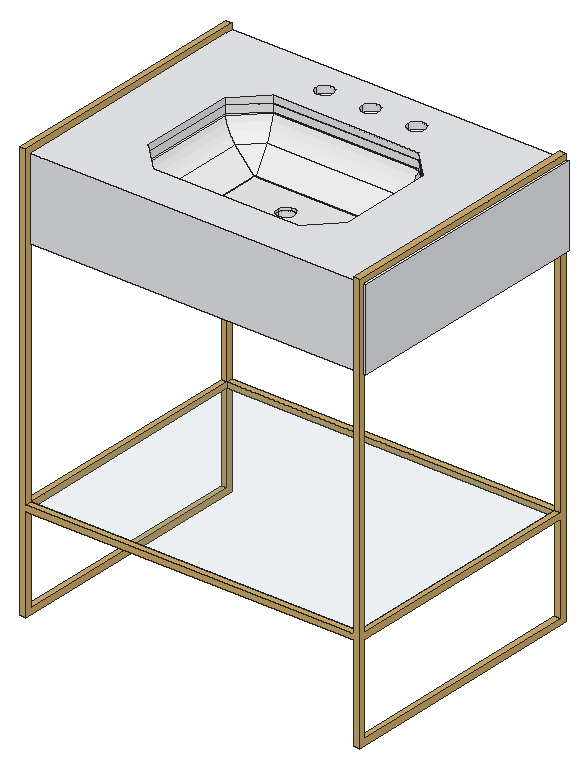
Revit family "Basin-Console-DXV-Belshire-D190800000", category Plumbing Fixtures, Revit 2016
Family settings
  Part Type = Normal
  Round Connector Dimension = Use Diameter
  OmniClass Number = 23.45.05.14.14
  OmniClass Title = Sinks/Lavatories
  Work Plane-Based = No
  Always vertical = Yes
  Cut with Voids When Loaded = No
  Shared = Yes
  Room Calculation Point = No
Parameters (values of type "D190800000")
  Width = 30"  # constant formula
  Waste Connection Diameter = 1 1/4"  # constant formula
  Waste Connection = yes
  Warranty Documentation Link = "https://www.dxv.com/-/media/files/dxv/warranty/dxv_warranty_booklet.ashx"
  WFU = 2
  Vent Connection = no
  Vanity Leg Set Finish = Metal-DXV-427-Satin Brass
  URL = "https://www.dxv.com/en"
  Product Page URL = ""
  Product Documentation Link = ""
  Price = "Prices may vary. Please consult Manufacturer Representative for most up-to-date price list."  # constant formula
  Model = "D190800000"
  Manufacturer = "DXV"  # constant formula
  Length = 22 3/8"  # constant formula
  Installation Type = "Floor Mounted"  # constant formula
  Height = 36 1/2"  # constant formula
  HWFU = 1.5
  HW Connection = yes
  Connection Size = 1/2"  # constant formula
  Countertop Finish = Marble-DXV-550-Carrara
  Description = "DXV BELSHIRE™ CONSOLE"
  Creation Date = "7/13/2020"  # constant formula
  CWFU = 1.5
  CW Connection = yes
  Basin Shape = "Rectangular"  # constant formula
  Assembly Code = "D2010300"
Reference planes (in)
  plane 1 "Center (Front/Back)": y = -3.5
  plane 2: z = 0
  plane 3 "Center (Left/Right)": x = 0
  plane 4: x = 4
  plane 5: x = -4
  plane 6: x = -15
  plane 7: x = 15
  plane 8: y = -3.46875
  plane 9: y = -3.5
  plane 10: y = -6.25
  plane 11: y = -15.5
  plane 12: y = -25.875
  plane 13: x = -4
  plane 14: x = 4
  plane 15: z = 36
  plane 16: z = 25.65625
  plane 17: z = 8.75
  plane 18: z = 0.125
  plane 19: z = 26.71875
  plane 20: z = 35.4375
  plane 21: z = 35.4375
  plane 22: x = -14.75
  plane 23: x = 14.75
  plane 24: x = 14.5
  plane 25: x = -14.5
  plane 26: z = 29
  plane 27: x = 5.90625
  plane 28: x = -5.90625
  plane 29: x = -1.5
  plane 30: x = 1.5
  plane 31: y = -25.5
  plane 32: z = 8.71875
  plane 33: z = 36.5
Forms (in)
  Extrusion 1, solid, not visible
    sketch origin (0, -3.5, 33.6875) x (1, 0, 0) y (0, 0, 1)
      loop
        circle (0, -8.03125) r 0.625
      loop
        circle (4, -6.96875) r 0.25
      loop
        circle (-4, -6.96875) r 0.25
    from -0.03125 to 0
  Extrusion 2, solid, material "Marble-DXV-550-Carrara" <- "Countertop Finish"
    sketch origin (0, 0, 32.75) x (1, 0, 0) y (0, 1, 0)
      loop
        line (-15, -3.5) -> (-15, -25.5) -> (15, -25.5) -> (15, -3.5) -> (14.75, -3.5) -> (14.75, -25.25) -> (-14.75, -25.25) -> (-14.75, -3.5) -> (-15, -3.5)
    from -3.75 to 2.6875
  Extrusion 3, solid, material "Metal-DXV-427-Satin Brass" <- "Vanity Leg Set Finish"
    sketch origin (0, 0, 32.75) x (1, 0, 0) y (0, 1, 0)
      loop
        line (-14.75, -25.375) -> (-14.75, -25.875) -> (-14.25, -25.875) -> (-14.25, -25.375) -> (-14.75, -25.375)
      loop
        line (14.75, -25.375) -> (14.25, -25.375) -> (14.25, -25.875) -> (14.75, -25.875) -> (14.75, -25.375)
      loop
        line (-14.75, -4) -> (-14.25, -4) -> (-14.25, -3.5) -> (-14.75, -3.5) -> (-14.75, -4)
      loop
        line (14.75, -4) -> (14.75, -3.5) -> (14.25, -3.5) -> (14.25, -4) -> (14.75, -4)
    from -32.75 to 3.75
  Extrusion 4, solid, material "Metal-DXV-427-Satin Brass" <- "Vanity Leg Set Finish"
    sketch origin (0, -3.5, 32.75) x (1, 0, 0) y (0, 0, 1)
      loop
        line (14.75, -24) -> (14.25, -24) -> (14.25, -24.5) -> (14.75, -24.5) -> (14.75, -24)
      loop
        line (-14.25, -24) -> (-14.75, -24) -> (-14.75, -24.5) -> (-14.25, -24.5) -> (-14.25, -24)
    from 0.5 to 21.875
  Extrusion 5, solid, material "Marble-DXV-550-Carrara" <- "Countertop Finish"
    sketch origin (0, 0, 32.75) x (1, 0, 0) y (0, 1, 0)
      loop
        line (-15, -25.5) -> (15, -25.5) -> (15, -3.5) -> (-15, -3.5) -> (-15, -25.5)
      loop
        line (-6.35344, -21.9375) -> (6.35344, -21.9375) -> (8.6875, -19.60344) -> (8.6875, -11.27156) -> (6.35344, -8.9375) -> (-6.35344, -8.9375) -> (-8.6875, -11.27156) -> (-8.6875, -19.60344) -> (-6.35344, -21.9375)
    from 2.6875 to 3.25
  Extrusion 6, void
    sketch origin (0, 0, 32.75) x (1, 0, 0) y (0, 1, 0)
      loop
        circle (-4, -6.25) r 0.75
      loop
        circle (4, -6.25) r 0.75
    from 1.4375 to 3.4375
  Extrusion 7, void
    sketch origin (0, 0, 32.75) x (1, 0, 0) y (0, 1, 0)
      loop
        circle (0, -6.25) r 0.75
    from 1.4375 to 3.25
  Extrusion 8, solid, material "Glass-DXV-Clear"
    sketch origin (0, 0, 30.75) x (1, 0, 0) y (0, 1, 0)
      loop
        line (-14.25, -4) -> (-14.25, -25.375) -> (14.25, -25.375) -> (14.25, -4) -> (-14.25, -4)
    from -22.03125 to -22
  Extrusion 9, solid, material "Metal-DXV-427-Satin Brass" <- "Vanity Leg Set Finish"
    sketch origin (10.88281, -14.38281, 32.75) x (0, -1, 0) y (0, 0, 1)
      loop
        line (11.49219, -24) -> (10.99219, -24) -> (10.99219, -24.5) -> (11.49219, -24.5) -> (11.49219, -24)
      loop
        line (-10.38281, -24) -> (-10.88281, -24) -> (-10.88281, -24.5) -> (-10.38281, -24.5) -> (-10.38281, -24)
    from -3.36719 to 25.13281
  Extrusion 10, solid, material "Metal-DXV-427-Satin Brass" <- "Vanity Leg Set Finish"
    sketch origin (0, -3.5, 22.125) x (1, 0, 0) y (0, 0, 1)
      loop
        line (14.75, -21.625) -> (14.25, -21.625) -> (14.25, -22.125) -> (14.75, -22.125) -> (14.75, -21.625)
      loop
        line (-14.25, -21.625) -> (-14.75, -21.625) -> (-14.75, -22.125) -> (-14.25, -22.125) -> (-14.25, -21.625)
    from 0.5 to 21.875
  Extrusion 11, solid, material "Metal-DXV-427-Satin Brass" <- "Vanity Leg Set Finish"
    sketch origin (-0.01084, -3.5, 58.125) x (1, 0, 0) y (0, 0, 1)
      loop
        line (14.76084, -21.625) -> (14.26084, -21.625) -> (14.26084, -22.125) -> (14.76084, -22.125) -> (14.76084, -21.625)
      loop
        line (-14.23916, -21.625) -> (-14.73916, -21.625) -> (-14.73916, -22.125) -> (-14.23916, -22.125) -> (-14.23916, -21.625)
    from 0.5 to 21.875
Cuts and joins
  Extrusion 6, Extrusion 7 cuts Extrusion 5
  joined: Extrusion 2, Extrusion 5
  joined: Extrusion 3, Extrusion 4, Extrusion 9, Extrusion 10, Extrusion 11
Lines and regions (in)
  Masking region 1
    outline origin (0, 0, 0) x (1, 0, 0) y (0, 1, 0)
      loop
        line (-15, -3.5) -> (-15, -25.5) -> (-14.75, -25.5) -> (-14.75, -25.875) -> (14.75, -25.875) -> (14.75, -25.5) -> (15, -25.5) -> (15, -3.5) -> (-15, -3.5)
  symbolic lines, detail levels medium+fine
    curve 1: circle (-4, -6.25, 0) r 0.75 normal (0, 0, 1)
    curve 2: circle (0, -6.25, 0) r 0.75 normal (0, 0, 1)
    curve 3: circle (4, -6.25, 0) r 0.75 normal (0, 0, 1)
    curve 4: line (-8.6875, -11.27156, 0) -> (-6.35344, -8.9375, 0)
    curve 5: line (-6.35344, -8.9375, 0) -> (6.35344, -8.9375, 0)
    curve 6: line (6.35344, -8.9375, 0) -> (8.6875, -11.27156, 0)
    curve 7: line (8.6875, -11.27156, 0) -> (8.6875, -19.60344, 0)
    curve 8: line (8.6875, -19.60344, 0) -> (6.35344, -21.9375, 0)
    curve 9: line (6.35344, -21.9375, 0) -> (-6.35344, -21.9375, 0)
    curve 10: line (-6.35344, -21.9375, 0) -> (-8.6875, -19.60344, 0)
    curve 11: line (-8.6875, -19.60344, 0) -> (-8.6875, -11.27156, 0)
    curve 12: circle (0, -15.4375, 0) r 0.75 normal (0, 0, 1)
    curve 21: line (-14.75, -25.5, 0) -> (-14.75, -3.5, 0)
    curve 22: line (-14.25, -25.5, 0) -> (14.25, -25.5, 0)
    curve 23: line (14.25, -25.875, 0) -> (14.25, -3.5, 0)
    curve 24: line (14.75, -3.5, 0) -> (14.75, -25.875, 0)
    curve 25: line (-14.25, -25.875, 0) -> (-14.25, -3.5, 0)
  symbolic lines, detail levels fine
    curve 13: spline (-4.85758, -12.85797, 0) -> (-5.19266, -12.71889, 0) -> (-5.52532, -12.5809, 0) -> (-5.85542, -12.44406, 0) -> (-6.18282, -12.30842, 0) -> (-6.50736, -12.17405, 0) -> (-6.82891, -12.041, 0) -> (-7.14733, -11.90934, 0) -> (-7.46246, -11.77912, 0) -> (-7.77419, -11.6504, 0) -> (-8.08236, -11.52323, 0) -> (-8.38684, -11.39768, 0) -> (-8.6875, -11.27379, 0)
    curve 14: spline (-4.76703, -12.76742, 0) -> (-4.90568, -12.43297, 0) -> (-5.0434, -12.10104, 0) -> (-5.18011, -11.7718, 0) -> (-5.31576, -11.44537, 0) -> (-5.45028, -11.12192, 0) -> (-5.58363, -10.80157, 0) -> (-5.71574, -10.48447, 0) -> (-5.84655, -10.17076, 0) -> (-5.976, -9.86058, 0) -> (-6.10404, -9.55407, 0) -> (-6.23062, -9.25135, 0) -> (-6.35567, -8.95257, 0)
    curve 15: spline (-8.6875, -19.60567, 0) -> (-8.38719, -19.48062, 0) -> (-8.08299, -19.35405, 0) -> (-7.77504, -19.22601, 0) -> (-7.46348, -19.09656, 0) -> (-7.14843, -18.96575, 0) -> (-6.83005, -18.83364, 0) -> (-6.50847, -18.70029, 0) -> (-6.18383, -18.56576, 0) -> (-5.85628, -18.43011, 0) -> (-5.52595, -18.2934, 0) -> (-5.193, -18.15569, 0) -> (-4.85758, -18.01703, 0)
    curve 16: spline (-4.76703, -18.10758, 0) -> (-4.90611, -18.44266, 0) -> (-5.0441, -18.77532, 0) -> (-5.18094, -19.10542, 0) -> (-5.31658, -19.43282, 0) -> (-5.45095, -19.75736, 0) -> (-5.584, -20.07891, 0) -> (-5.71566, -20.39733, 0) -> (-5.84588, -20.71246, 0) -> (-5.9746, -21.02419, 0) -> (-6.10177, -21.33236, 0) -> (-6.22732, -21.63684, 0) -> (-6.35121, -21.9375, 0)
    curve 17: spline (6.35567, -21.9375, 0) -> (6.23062, -21.63719, 0) -> (6.10405, -21.33299, 0) -> (5.97601, -21.02504, 0) -> (5.84656, -20.71348, 0) -> (5.71575, -20.39843, 0) -> (5.58364, -20.08005, 0) -> (5.45029, -19.75847, 0) -> (5.31576, -19.43383, 0) -> (5.18011, -19.10628, 0) -> (5.0434, -18.77595, 0) -> (4.90569, -18.443, 0) -> (4.76703, -18.10758, 0)
    curve 18: spline (4.85758, -18.01703, 0) -> (5.19266, -18.15611, 0) -> (5.52532, -18.2941, 0) -> (5.85542, -18.43094, 0) -> (6.18282, -18.56658, 0) -> (6.50736, -18.70095, 0) -> (6.82891, -18.834, 0) -> (7.14733, -18.96566, 0) -> (7.46246, -19.09588, 0) -> (7.77419, -19.2246, 0) -> (8.08236, -19.35177, 0) -> (8.38684, -19.47732, 0) -> (8.6875, -19.60121, 0)
    curve 19: spline (8.6875, -11.26933, 0) -> (8.38719, -11.39438, 0) -> (8.08299, -11.52095, 0) -> (7.77504, -11.64899, 0) -> (7.46348, -11.77844, 0) -> (7.14843, -11.90925, 0) -> (6.83005, -12.04136, 0) -> (6.50847, -12.17471, 0) -> (6.18383, -12.30924, 0) -> (5.85628, -12.44489, 0) -> (5.52595, -12.5816, 0) -> (5.193, -12.71931, 0) -> (4.85758, -12.85797, 0)
    curve 20: spline (4.76703, -12.76742, 0) -> (4.90664, -12.43191, 0) -> (5.04515, -12.09889, 0) -> (5.1825, -11.7685, 0) -> (5.31864, -11.4409, 0) -> (5.4535, -11.11623, 0) -> (5.58703, -10.79463, 0) -> (5.71915, -10.47625, 0) -> (5.84983, -10.16123, 0) -> (5.97899, -9.84971, 0) -> (6.10658, -9.54182, 0) -> (6.23254, -9.23771, 0) -> (6.35682, -8.9375, 0)
Dimensions and locks (in)
  locked: plane 5 to plane 4 at 8
  locked: plane 1 "Center (Front/Back)" to plane 8 at 0.03125
  plane 9 to plane 1 "Center (Front/Back)" = 0"
  plane 10 to plane 9 = 2 3/4"
  plane 11 to plane 9 = 12"  (x2)
  "Length": plane 12 to plane 9
  equal spacing: plane 6, plane 3 "Center (Left/Right)", plane 7
  "Width": plane 6 to plane 7
  plane 6 to plane 22 to plane 25 = 1/4" locked, 1/4" locked
  Extrusion 3 sketch curve to Extrusion 3 sketch curve = 1/2"  (x2)
  plane 17 to level = 8 3/4"
  Extrusion 4 sketch curve to Extrusion 4 sketch curve = 1/2"
  Extrusion 9 sketch curve to Extrusion 9 sketch curve = 1/2"
  Extrusion 10 sketch curve to Extrusion 10 sketch curve = 1/2"
  plane 26 to level = 29"
  locked: plane 3 "Center (Left/Right)" to plane 29 at 1.5
  locked: plane 30 to plane 3 "Center (Left/Right)" at 1.5
  plane 31 to plane 9 = 22"
  plane 15 to plane 26 = 7"
  locked: plane 17 to plane 32 at 0.03125
  "Height": plane 33 to level
  Extrusion 11 sketch curve to Extrusion 11 sketch curve = 1/2"
  aligned and locked: plane 1 "Center (Front/Back)" to Extrusion 1
  aligned and locked: Extrusion 1 to plane 8
  aligned and locked: plane 13 to Extrusion 1 sketch curve
  aligned and locked: plane 14 to Extrusion 1 sketch curve
  aligned and locked: plane 3 "Center (Left/Right)" to Extrusion 1 sketch curve
  aligned and locked: plane 15 to Extrusion 5
  aligned and locked: plane 20 to Extrusion 5
  aligned and locked: Extrusion 2 to cut or joined group of Extrusion 2, Extrusion 5, Extrusion 6, Extrusion 7  (x2)
  aligned and locked: Extrusion 5 to plane 6
  aligned and locked: plane 7 to Extrusion 5
  aligned and locked: Extrusion 5 to Extrusion 7
  aligned and locked: Extrusion 6 to Extrusion 7
  aligned and locked: Extrusion 5 sketch curve to nested 1  (x8)
  aligned and locked: curve 1 to cut or joined group of Extrusion 2, Extrusion 5, Extrusion 6, Extrusion 7
  aligned and locked: curve 2 to cut or joined group of Extrusion 2, Extrusion 5, Extrusion 6, Extrusion 7
  aligned and locked: curve 3 to cut or joined group of Extrusion 2, Extrusion 5, Extrusion 6, Extrusion 7
  aligned and locked: plane 31 to Masking region 1
  aligned and locked: plane 31 to Extrusion 5 sketch curve
  aligned and locked: Extrusion 2 to plane 26
  aligned and locked: Extrusion 8 to plane 17
  aligned and locked: Extrusion 2 sketch curve to plane 7
  aligned and locked: plane 23 to Extrusion 2 sketch curve
  aligned and locked: Extrusion 2 sketch curve to plane 31
  aligned and locked: plane 6 to Extrusion 2 sketch curve
  aligned and locked: Extrusion 2 sketch curve to plane 22
  aligned and locked: plane 9 to Extrusion 2 sketch curve
  aligned and locked: plane 33 to Extrusion 3
  aligned and locked: Extrusion 10 to Extrusion 3  (x2)
  aligned and locked: cut or joined group of Extrusion 3, Extrusion 4, Extrusion 9, Extrusion 10, Extrusion 11 to Extrusion 4 sketch curve
Automatic sketch dimensions
  Extrusion 1 sketch curve to plane 16 = 0"
  Extrusion 1 sketch curve to plane 19 = 0"  (x2)
  plane 1 "Center (Front/Back)" to Extrusion 2 sketch curve = 0"
  Extrusion 2 sketch curve to plane 31 = 1/4"
  plane 1 "Center (Front/Back)" to Extrusion 5 sketch curve = 0"
  Extrusion 5 sketch curve to plane 6 = 0"
  Extrusion 5 sketch curve to plane 7 = 0"
  Extrusion 6 sketch curve to plane 5 = 0"
  Extrusion 6 sketch curve to plane 4 = 0"
  plane 10 to Extrusion 6 sketch curve = 0"  (x2)
  Extrusion 7 sketch curve to plane 3 "Center (Left/Right)" = 0"
  plane 10 to Extrusion 7 sketch curve = 0"
  Extrusion 9 sketch curve to plane 1 "Center (Front/Back)" = 0"
  plane 17 to Extrusion 9 sketch curve = 0"  (x2)
  Extrusion 9 sketch curve to plane 12 = 0"
  Extrusion 9 sketch curve to Extrusion 9 sketch curve = 1/2"
  plane 32 to Extrusion 9 sketch curve = 15/32"  (x2)
  Extrusion 11 sketch curve to plane 33 = 0"  (x2)
  Extrusion 11 sketch curve to plane 15 = 0"  (x2)
  plane 22 to Extrusion 11 sketch curve = 0"
  plane 25 to Extrusion 11 sketch curve = 1/4"
  Extrusion 11 sketch curve to plane 24 = 1/4"
  Extrusion 3 sketch curve to plane 22 = 0"  (x2)
  plane 1 "Center (Front/Back)" to Extrusion 3 sketch curve = 0"  (x2)
  plane 12 to Extrusion 3 sketch curve = 0"  (x2)
  Extrusion 3 sketch curve to plane 23 = 0"  (x2)
  plane 25 to Extrusion 3 sketch curve = 1/4"
  Extrusion 3 sketch curve to plane 24 = 1/4"  (x2)
  Extrusion 3 sketch curve to plane 31 = 1/8"
  Extrusion 3 sketch curve to Extrusion 3 sketch curve = 1/2"  (x2)
  Extrusion 10 sketch curve to plane 22 = 0"
  Extrusion 10 sketch curve to level = 0"  (x2)
  Extrusion 10 sketch curve to plane 23 = 0"
  plane 25 to Extrusion 10 sketch curve = 1/4"
  Extrusion 10 sketch curve to plane 18 = 3/8"  (x2)
  Extrusion 4 sketch curve to plane 17 = 0"  (x2)
  Extrusion 4 sketch curve to plane 22 = 0"
  Extrusion 4 sketch curve to plane 23 = 0"
  plane 32 to Extrusion 4 sketch curve = 15/32"  (x2)
  plane 25 to Extrusion 8 sketch curve = 1/4"
  Extrusion 8 sketch curve to plane 24 = 1/4"
  Extrusion 8 sketch curve to plane 31 = 1/8"
  plane 1 "Center (Front/Back)" to Extrusion 8 sketch curve = 1/2"
  plane 1 "Center (Front/Back)" to Masking region 1 sketch curve = 0"
  Masking region 1 sketch curve to plane 6 = 0"
  Masking region 1 sketch curve to plane 22 = 0"
  Masking region 1 sketch curve to plane 23 = 0"
  plane 12 to Masking region 1 sketch curve = 0"
  Masking region 1 sketch curve to plane 7 = 0"
  plane 31 to Masking region 1 sketch curve = 0"  (x2)
  curve 21 to plane 22 = 0"
  plane 1 "Center (Front/Back)" to curve 25 = 0"
  plane 31 to curve 22 = 0"
  plane 12 to curve 25 = 0"
  curve 12 to plane 3 "Center (Left/Right)" = 0"
  plane 12 to curve 23 = 0"
  plane 1 "Center (Front/Back)" to curve 23 = 0"
  plane 12 to curve 24 = 0"
  curve 24 to plane 23 = 0"
  plane 31 to curve 21 = 0"
  plane 1 "Center (Front/Back)" to curve 24 = 0"
  plane 1 "Center (Front/Back)" to curve 21 = 0"
  curve 11 to plane 28 = 2 25/32"
  curve 4 to plane 28 = 0.44719"
  curve 9 to plane 28 = 0.44719"
  plane 27 to curve 8 = 0.44719"
  plane 27 to curve 5 = 0.44719"
  plane 27 to curve 7 = 2 25/32"
  curve 9 to plane 31 = 3 9/16"
  curve 8 to curve 8 = 2.33406"
  curve 9 to curve 11 = 2.33406"
  curve 12 to plane 11 = 1/16"
  curve 6 to plane 11 = 4.22844"
  curve 11 to plane 11 = 4.22844"
  plane 10 to curve 5 = 2 11/16"
  curve 15 to plane 6 = 1.45245"
  curve 13 to plane 6 = 1.5361"
  plane 25 to curve 25 = 1/4"
  curve 14 to plane 8 = 2.1712"
  curve 14 to plane 28 = 3.78182"
  curve 16 to plane 28 = 3.57989"
  curve 15 to curve 10 = 0"
  curve 14 to curve 4 = 0.00223"
  curve 9 to curve 16 = 0.00223"
  plane 5 to curve 15 = 0.85758"
  plane 5 to curve 13 = 0.85758"
  curve 13 to curve 14 = 0.09055"  (x2)
  curve 15 to curve 16 = 0.09055"
  curve 14 to plane 5 = 1.22826"
  curve 16 to plane 29 = 0.943"
  curve 19 to plane 3 "Center (Left/Right)" = 0.42439"
  curve 18 to plane 3 "Center (Left/Right)" = 0.28823"
  plane 3 "Center (Left/Right)" to curve 13 = 0.28823"
  plane 3 "Center (Left/Right)" to curve 15 = 0.42439"
  plane 30 to curve 20 = 0.943"
  curve 17 to plane 4 = 1.22826"
  plane 4 to curve 17 = 0.76703"
  plane 4 to curve 20 = 0.76703"
  curve 17 to curve 18 = 0.09055"
  curve 20 to curve 19 = 0.09055"
  curve 8 to curve 17 = 0.00223"
  curve 5 to curve 20 = 0.00339"
  curve 18 to curve 7 = 0"
  curve 19 to curve 6 = 0"
  curve 20 to plane 8 = 2.25485"
  curve 20 to curve 24 = 5.26386"
  plane 27 to curve 17 = 3.78182"
  curve 22 to plane 24 = 1/4"
  plane 7 to curve 19 = 1.45245"
  plane 7 to curve 18 = 1.5361"
  plane 12 to curve 17 = 3.82745"
  plane 12 to curve 16 = 3.9111"
  curve 15 to plane 31 = 2.56193"
  curve 18 to plane 31 = 2.76386"
  curve 9 to curve 16 = 0"
  curve 8 to curve 17 = 0"
  curve 15 to curve 10 = 0.00223"
  curve 7 to curve 18 = 0.00223"
  curve 13 to plane 11 = 0.318"
  curve 19 to plane 11 = 0.64674"
  curve 16 to curve 13 = 0.1038"
  curve 19 to curve 17 = 0.03236"
  curve 19 to curve 20 = 0.09055"
  radius of Extrusion 1 sketch curve = 5/8"
  radius of Extrusion 1 sketch curve = 1/4"  (x2)
  radius of Extrusion 6 sketch curve = 3/4"  (x2)
  radius of Extrusion 7 sketch curve = 3/4"
  radius of curve 12 = 3/4"
Nested families (in)
  nested 1: "Basin-Undercounter-DXV-Belshire-D20205000.415" at (0, -4.125, 36.1875), type "D20205000.415"
Connectors (in)
  piping at (-4, -3.46875, 26.71875), diameter 0.5, driven by "HWFU", driven by "Connection Size"
    settings: on Extrusion 1, index 1, connector inside diameter 24", connector length 0", flow factor 0, pipe flow 0 GPM, pressure drop 0.00 psi, fitting loss kfactor 0, connector angle 0.00°, fixture units 1.5, engagement length 0", angle of deflection 0.00°, flow configuration 3, flow direction 1, fitting loss method 0, system type 19, joint type 0, gender type 0, connector reference index -1, connector utility 0, adjustable connector no, is connector primary yes, connector description "1/2\" HW Inlet supply"
  piping at (0, -3.46875, 25.65625), diameter 1.25, driven by "WFU", driven by "Waste Connection Diameter"
    settings: on Extrusion 1, index 2, connector inside diameter 24", connector length 0", flow factor 0, pipe flow 0 GPM, pressure drop 0.00 psi, fitting loss kfactor 0, connector angle 0.00°, fixture units 2, engagement length 0", angle of deflection 0.00°, flow configuration 3, flow direction 2, fitting loss method 0, system type 16, joint type 0, gender type 0, connector reference index -1, connector utility 0, adjustable connector yes, is connector primary no, connector description "1 1/4\" Waste Outlet Supply"
  piping at (4, -3.46875, 26.71875), diameter 0.5, driven by "CWFU", driven by "Connection Size"
    settings: on Extrusion 1, index 3, connector inside diameter 24", connector length 0", flow factor 0, pipe flow 0 GPM, pressure drop 0.00 psi, fitting loss kfactor 0, connector angle 0.00°, fixture units 1.5, engagement length 0", angle of deflection 0.00°, flow configuration 3, flow direction 1, fitting loss method 0, system type 20, joint type 0, gender type 0, connector reference index -1, connector utility 0, adjustable connector no, is connector primary no, connector description "1/2\" CW Inlet Supply"
Definition of nested family "Basin-Undercounter-DXV-Belshire-D20205000.415"
  Parameters (values of type "D20205000.415")
    Width = 19"  # constant formula
    Waste Connection Height = 25"
    Waste Connection Diameter = 1 1/4"
    Waste Connection = yes
    Warranty Documentation Link = "https://www.dxv.com/-/media/files/dxv/warranty/dxv_warranty_booklet.ashx"
    WFU = 2
    Vent Connection = no
    URL = "https://www.dxv.com/en"
    Product Page URL = ""
    Product Documentation Link = ""
    Price = "Prices may vary. Please consult Manufacturer Representative for most up-to-date price list."  # constant formula
    Model = "D20205000.415"
    Material = "Vitreous China-DXV-415-Canvas White"
    Manufacturer = "DXV"  # constant formula
    Length = 14 5/8"  # constant formula
    Installation Type = "Undermount"  # constant formula
    Hot Water Connection Width = 4"
    Hot Water Connection Height = 25 1/2"
    Hot Water Connection Diameter = 3/8"
    Height = 5 1/2"  # constant formula
    HWFU = 1.5
    HW Connection = yes
    Finish = none
    Description = " DXV BELSHIRE™ UNDERCOUNTER SINK "  # constant formula
    Default Elevation = 34"
    Creation Date = "7/10/2020"  # constant formula
    Cold Water Connection Width = 4"
    Cold Water Connection Height = Hot Water Connection Height  # 25 1/2"
    Cold Water Connection Diameter = 3/8"
    CWFU = 1.5
    CW Connection = yes
    Basin Shape = "Rectangular"  # constant formula
    Assembly Code = "D2010310"
  Reference planes (in)
    plane 1 "Center (Front/Back)": y = 0
    plane 2: z = 0
    plane 3 "Center (Left/Right)": x = 0
    plane 4: y = -2
    plane 5: y = -4
    plane 6: z = -0.75
    plane 7: z = -34
    plane 8: z = -9
    plane 9: z = -8.5
    plane 10: x = -4
    plane 11: x = 4
    plane 12: y = -0.03125
    plane 13: y = -18.625
    plane 14: x = -9.5
    plane 15: x = 9.5
    plane 16: z = -6.25
    plane 17: z = -4.25
    plane 18: z = -1.3125
    plane 19: x = -4
    plane 20: x = 4
    plane 21: y = -4.8125
    plane 22: y = -17.8125
    plane 23: y = -11.3125
    plane 24: x = -8.6875
    plane 25: x = 8.6875
  Forms (in)
    Extrusion 1, solid, material <- "Finish"
      sketch origin (0, 0, 0) x (1, 0, 0) y (0, 1, 0)
        loop
          line (6.68998, -4) -> (-6.68998, -4) -> (-9.5, -6.81002) -> (-9.5, -15.81498) -> (-6.68998, -18.625) -> (6.68998, -18.625) -> (9.5, -15.81498) -> (9.5, -6.81002) -> (6.68998, -4)
        loop
          line (-8.6875, -7.14656) -> (-8.6875, -15.47844) -> (-6.35344, -17.8125) -> (6.35344, -17.8125) -> (8.6875, -15.47844) -> (8.6875, -7.14656) -> (6.35344, -4.8125) -> (-6.35344, -4.8125) -> (-8.6875, -7.14656)
      from -1.3125 to -0.75
    Revolve 2, solid, material <- "Finish"
      sketch origin (0, -11.3125, -0.14189) x (1, 0, 0) y (0, 0, 1)
        loop
          line (0.75, -6.10811) -> (1.12047, -6.10811)
          arc (1.12047, -6.10811) -> (1.20248, -6.07745) -> (1.24425, -6.00051) r 0.125
          line (1.24425, -6.00051) -> (1.47986, -4.3241) -> (0.75, -4.3241) -> (0.75, -6.10811)
        axis (0, -6.10811) -> (0, -4.3241)
      angle from 0 to 360
    Extrusion 3, void
      sketch origin (0, 0.75, 0) x (1, 0, 0) y (0, 1, 0)
        loop
          circle (0, -12.0625) r 0.75
      from -6.25 to -3.75
    Extrusion 4, void
      sketch origin (0, 0, -11.50282) x (1, 0, 0) y (0, 0, 1)
        loop
          circle (0, 9.75282) r 0.1875
        loop
          circle (0.75, 9.75282) r 0.1875
        loop
          circle (-0.75, 9.75282) r 0.1875
      from 17.17056 to 18.10795
    Extrusion 5, void
      sketch origin (0, 0, 0) x (1, 0, 0) y (0, 1, 0)
        loop
          line (-8.6875, -7.14656) -> (-8.6875, -15.47844) -> (-6.35344, -17.8125) -> (6.35344, -17.8125) -> (8.6875, -15.47844) -> (8.6875, -7.14656) -> (6.35344, -4.8125) -> (-6.35344, -4.8125) -> (-8.6875, -7.14656)
      from -6.25 to 0
    Extrusion 6, solid, not visible
      sketch origin (0, 0, 0) x (1, 0, 0) y (0, 0, 1)
        loop
          circle (0, -9) r 0.625
        loop
          circle (-4, -8.5) r 0.1875
        loop
          circle (4, -8.5) r 0.1875
      from 0 to 0.03125
    Extrusion 7, void
      sketch origin (0.30804, 0, -4.61572) x (1, 0, 0) y (0, 0, 1)
        loop
          line (-1.28133, -1.23637) -> (-1.8154, 3.30322) -> (-2.40742, 3.30322) -> (-2.40742, -1.63428) -> (1.79134, -1.63428) -> (1.79134, 3.30322) -> (1.19931, 3.30322) -> (0.66524, -1.23637) -> (-1.28133, -1.23637)
      from 7.14656 to 18.625
    Extrusion 8, solid, material <- "Finish"
      sketch origin (0.22014, 0, 0) x (0, 1, 0) y (0, 0, 1)
        loop
          arc (-18.20634, -2.36293) -> (-18.13436, -2.68521) -> (-17.9805, -2.97739) r 1.25
          arc (-17.9805, -2.97739) -> (-17.16398, -3.91721) -> (-16.17985, -4.67975) r 6.35305
          arc (-16.17985, -4.67975) -> (-14.15052, -5.61644) -> (-11.94965, -6.00599) r 8.71213
          line (-11.94965, -6.00599) -> (-11.94965, -4.40671) -> (-13.92909, -4.40671)
          arc (-13.92909, -4.40671) -> (-15.28954, -3.94032) -> (-16.56811, -3.28182) r 9.90494
          arc (-16.56811, -3.28182) -> (-17.48246, -2.43986) -> (-18.0059, -1.3125) r 3.19201
          line (-18.0059, -1.3125) -> (-18.29824, -1.3125) -> (-18.20634, -2.36293)
      from -1.84514 to 1.40486
    Sweep 9, solid, material <- "Finish"
      path origin (-60.41868, -180, -1.3125) x (-1, 0, 0) y (0, -1, 0)
        loop
          line (-54.06525, -175.1875) -> (-51.73118, -172.85344) -> (-51.73118, -164.52156) -> (-54.06525, -162.1875) -> (-66.77212, -162.1875) -> (-69.10618, -164.52156) -> (-69.10618, -172.85344) -> (-66.77212, -175.1875) -> (-54.06525, -175.1875)
      profile origin (0, -4.8125, -1.3125) x (0, 1, 0) y (0, 0, 1)
        loop
          line (0.25768, -0.00005) -> (0, -0.00005) -> (0, -0.13123)
          arc (0, -0.13123) -> (-0.00513, -0.19092) -> (-0.02037, -0.24887) r 0.34991
          arc (-0.02037, -0.24887) -> (-0.53931, -1.14927) -> (-1.34214, -1.80918) r 2.90289
          arc (-1.34214, -1.80918) -> (-2.56232, -2.42254) -> (-3.82992, -2.93072) r 16.16632
          arc (-3.82992, -2.93072) -> (-3.84945, -2.93579) -> (-3.86956, -2.9375) r 0.11918
          line (-3.86956, -2.9375) -> (-3.93668, -2.9375) -> (-3.93668, -3.15349) -> (-3.86309, -3.15349)
          arc (-3.86309, -3.15349) -> (-2.49636, -2.68442) -> (-1.21182, -2.02266) r 9.96744
          arc (-1.21182, -2.02266) -> (-0.27511, -1.15809) -> (0.25768, -0.00005) r 3.25451
    Extrusion 10, solid, material <- "Finish"
      sketch origin (-60.41868, -180, -1.3125) x (-1, 0, 0) y (0, -1, 0)
        loop
          line (-55.66786, -166.15219) -> (-55.69587, -166.12418) -> (-65.14149, -166.12418) -> (-65.1695, -166.15219) -> (-65.1695, -171.22281) -> (-65.14149, -171.25082) -> (-55.69587, -171.25082) -> (-55.66786, -171.22281) -> (-55.66786, -166.15219)
      from -3.15349 to -2.9375
  Cuts and joins
    Extrusion 4 cuts Extrusion 1
    Extrusion 4 cuts Revolve 2
    Extrusion 3, Extrusion 4, Extrusion 7 cuts Extrusion 8
    Extrusion 4 cuts Sweep 9
    Extrusion 3, Extrusion 4 cuts Extrusion 10
    joined: Extrusion 1, Revolve 2, Extrusion 8, Sweep 9, Extrusion 10
  Lines and regions (in)
    Masking region 1
      outline origin (-60.41868, -180, -1.3125) x (-1, 0, 0) y (0, -1, 0)
        loop
          line (-53.7287, -176) -> (-50.91868, -173.18998) -> (-50.91868, -164.18502) -> (-53.7287, -161.375) -> (-67.10867, -161.375) -> (-69.91868, -164.18502) -> (-69.91868, -173.18998) -> (-67.10867, -176) -> (-53.7287, -176)
    symbolic lines, detail levels fine
      curve 1: line (-6.35344, -4.8125, -1.3125) -> (-8.6875, -7.14656, -1.3125)
      curve 2: line (-8.6875, -7.14656, -1.3125) -> (-8.6875, -15.47844, -1.3125)
      curve 3: line (-8.6875, -15.47844, -1.3125) -> (-6.35344, -17.8125, -1.3125)
      curve 4: line (-6.35344, -17.8125, -1.3125) -> (6.35344, -17.8125, -1.3125)
      curve 5: line (6.35344, -17.8125, -1.3125) -> (8.6875, -15.47844, -1.3125)
      curve 6: line (8.6875, -15.47844, -1.3125) -> (8.6875, -7.14656, -1.3125)
      curve 7: line (8.6875, -7.14656, -1.3125) -> (6.35344, -4.8125, -1.3125)
      curve 8: line (6.35344, -4.8125, -1.3125) -> (-6.35344, -4.8125, -1.3125)
      curve 9: circle (0, -11.3125, -1.3125) r 0.75 normal (0, 0, 1)
      curve 10: spline (-4.85758, -8.73297, -1.3125) -> (-5.07089, -8.64442, -1.3125) -> (-5.28325, -8.55631, -1.3125) -> (-5.49462, -8.46863, -1.3125) -> (-5.70496, -8.38142, -1.3125) -> (-5.91423, -8.29469, -1.3125) -> (-6.12239, -8.20845, -1.3125) -> (-6.32941, -8.12271, -1.3125) -> (-6.53526, -8.0375, -1.3125) -> (-6.73989, -7.95283, -1.3125) -> (-6.94327, -7.86871, -1.3125) -> (-7.14535, -7.78515, -1.3125) -> (-7.34612, -7.70218, -1.3125)
      curve 11: spline (-4.76703, -8.64242, -1.3125) -> (-4.85525, -8.42897, -1.3125) -> (-4.94311, -8.2165, -1.3125) -> (-5.03057, -8.00505, -1.3125) -> (-5.11764, -7.79465, -1.3125) -> (-5.20428, -7.58535, -1.3125) -> (-5.2905, -7.37717, -1.3125) -> (-5.37626, -7.17016, -1.3125) -> (-5.46156, -6.96435, -1.3125) -> (-5.54638, -6.75978, -1.3125) -> (-5.63071, -6.55649, -1.3125) -> (-5.71452, -6.35451, -1.3125) -> (-5.79782, -6.15388, -1.3125)
      curve 12: spline (4.76703, -8.64242, -1.3125) -> (4.85558, -8.42911, -1.3125) -> (4.94369, -8.21675, -1.3125) -> (5.03137, -8.00538, -1.3125) -> (5.11858, -7.79504, -1.3125) -> (5.20531, -7.58577, -1.3125) -> (5.29155, -7.37761, -1.3125) -> (5.37729, -7.17059, -1.3125) -> (5.4625, -6.96474, -1.3125) -> (5.54717, -6.76011, -1.3125) -> (5.63129, -6.55673, -1.3125) -> (5.71485, -6.35465, -1.3125) -> (5.79782, -6.15388, -1.3125)
      curve 13: spline (7.34612, -7.70218, -1.3125) -> (7.14549, -7.78548, -1.3125) -> (6.94351, -7.86929, -1.3125) -> (6.74022, -7.95362, -1.3125) -> (6.53565, -8.03844, -1.3125) -> (6.32984, -8.12374, -1.3125) -> (6.12283, -8.2095, -1.3125) -> (5.91465, -8.29572, -1.3125) -> (5.70535, -8.38236, -1.3125) -> (5.49495, -8.46943, -1.3125) -> (5.2835, -8.55689, -1.3125) -> (5.07103, -8.64475, -1.3125) -> (4.85758, -8.73297, -1.3125)
      curve 14: spline (4.85758, -13.89203, -1.3125) -> (5.07089, -13.98058, -1.3125) -> (5.28325, -14.06869, -1.3125) -> (5.49462, -14.15637, -1.3125) -> (5.70496, -14.24358, -1.3125) -> (5.91423, -14.33031, -1.3125) -> (6.12239, -14.41655, -1.3125) -> (6.32941, -14.50229, -1.3125) -> (6.53526, -14.5875, -1.3125) -> (6.73989, -14.67217, -1.3125) -> (6.94327, -14.75629, -1.3125) -> (7.14535, -14.83985, -1.3125) -> (7.34612, -14.92282, -1.3125)
      curve 15: spline (5.79782, -16.47112, -1.3125) -> (5.71452, -16.27049, -1.3125) -> (5.63071, -16.06851, -1.3125) -> (5.54638, -15.86522, -1.3125) -> (5.46156, -15.66065, -1.3125) -> (5.37626, -15.45484, -1.3125) -> (5.2905, -15.24783, -1.3125) -> (5.20428, -15.03965, -1.3125) -> (5.11764, -14.83035, -1.3125) -> (5.03057, -14.61995, -1.3125) -> (4.94311, -14.4085, -1.3125) -> (4.85525, -14.19603, -1.3125) -> (4.76703, -13.98258, -1.3125)
      curve 16: spline (-4.76703, -13.98258, -1.3125) -> (-4.85558, -14.19589, -1.3125) -> (-4.94369, -14.40825, -1.3125) -> (-5.03137, -14.61962, -1.3125) -> (-5.11858, -14.82996, -1.3125) -> (-5.20531, -15.03923, -1.3125) -> (-5.29155, -15.24739, -1.3125) -> (-5.37729, -15.45441, -1.3125) -> (-5.4625, -15.66026, -1.3125) -> (-5.54717, -15.86489, -1.3125) -> (-5.63129, -16.06827, -1.3125) -> (-5.71485, -16.27035, -1.3125) -> (-5.79782, -16.47112, -1.3125)
      curve 17: spline (-7.34612, -14.92282, -1.3125) -> (-7.14549, -14.83952, -1.3125) -> (-6.94351, -14.75571, -1.3125) -> (-6.74022, -14.67138, -1.3125) -> (-6.53565, -14.58656, -1.3125) -> (-6.32984, -14.50126, -1.3125) -> (-6.12283, -14.4155, -1.3125) -> (-5.91465, -14.32928, -1.3125) -> (-5.70535, -14.24264, -1.3125) -> (-5.49495, -14.15557, -1.3125) -> (-5.2835, -14.06811, -1.3125) -> (-5.07103, -13.98025, -1.3125) -> (-4.85758, -13.89203, -1.3125)
      curve 18: spline (-8.66756, -15.47017, -1.3125) -> (-8.60163, -15.44188, -1.3125) -> (-8.52651, -15.40997, -1.3125) -> (-8.44249, -15.37454, -1.3125) -> (-8.34987, -15.33573, -1.3125) -> (-8.249, -15.29368, -1.3125) -> (-8.14023, -15.24853, -1.3125) -> (-8.02397, -15.20047, -1.3125) -> (-7.90065, -15.14966, -1.3125) -> (-7.77072, -15.09629, -1.3125) -> (-7.63465, -15.04056, -1.3125) -> (-7.49295, -14.98266, -1.3125) -> (-7.34612, -14.92282, -1.3125)
      curve 19: spline (-5.79782, -16.47112, -1.3125) -> (-5.85932, -16.61726, -1.3125) -> (-5.91859, -16.7584, -1.3125) -> (-5.97539, -16.89402, -1.3125) -> (-6.02953, -17.02364, -1.3125) -> (-6.0808, -17.14677, -1.3125) -> (-6.12902, -17.26296, -1.3125) -> (-6.17401, -17.37179, -1.3125) -> (-6.21561, -17.47285, -1.3125) -> (-6.25365, -17.56579, -1.3125) -> (-6.28801, -17.65025, -1.3125) -> (-6.31856, -17.72593, -1.3125) -> (-6.34518, -17.79256, -1.3125)
      curve 20: spline (6.34517, -17.79256, -1.3125) -> (6.31688, -17.72663, -1.3125) -> (6.28497, -17.65151, -1.3125) -> (6.24954, -17.56749, -1.3125) -> (6.21073, -17.47487, -1.3125) -> (6.16868, -17.374, -1.3125) -> (6.12353, -17.26523, -1.3125) -> (6.07547, -17.14897, -1.3125) -> (6.02466, -17.02565, -1.3125) -> (5.97129, -16.89572, -1.3125) -> (5.91556, -16.75965, -1.3125) -> (5.85766, -16.61795, -1.3125) -> (5.79782, -16.47112, -1.3125)
      curve 21: spline (7.34612, -14.92282, -1.3125) -> (7.49226, -14.98432, -1.3125) -> (7.6334, -15.04359, -1.3125) -> (7.76902, -15.10039, -1.3125) -> (7.89864, -15.15453, -1.3125) -> (8.02177, -15.2058, -1.3125) -> (8.13796, -15.25402, -1.3125) -> (8.24679, -15.29901, -1.3125) -> (8.34785, -15.34061, -1.3125) -> (8.44079, -15.37865, -1.3125) -> (8.52525, -15.41301, -1.3125) -> (8.60093, -15.44356, -1.3125) -> (8.66756, -15.47018, -1.3125)
      curve 22: spline (8.66756, -7.15483, -1.3125) -> (8.60163, -7.18312, -1.3125) -> (8.52651, -7.21503, -1.3125) -> (8.44249, -7.25046, -1.3125) -> (8.34987, -7.28927, -1.3125) -> (8.249, -7.33132, -1.3125) -> (8.14023, -7.37647, -1.3125) -> (8.02397, -7.42453, -1.3125) -> (7.90065, -7.47534, -1.3125) -> (7.77072, -7.52871, -1.3125) -> (7.63465, -7.58444, -1.3125) -> (7.49295, -7.64234, -1.3125) -> (7.34612, -7.70218, -1.3125)
      curve 23: spline (5.79782, -6.15388, -1.3125) -> (5.85932, -6.00774, -1.3125) -> (5.91859, -5.8666, -1.3125) -> (5.97539, -5.73098, -1.3125) -> (6.02953, -5.60136, -1.3125) -> (6.0808, -5.47823, -1.3125) -> (6.12902, -5.36204, -1.3125) -> (6.17401, -5.25321, -1.3125) -> (6.21561, -5.15215, -1.3125) -> (6.25365, -5.05921, -1.3125) -> (6.28801, -4.97475, -1.3125) -> (6.31856, -4.89907, -1.3125) -> (6.34518, -4.83244, -1.3125)
      curve 24: spline (-5.79782, -6.15388, -1.3125) -> (-5.85766, -6.00705, -1.3125) -> (-5.91556, -5.86535, -1.3125) -> (-5.97129, -5.72928, -1.3125) -> (-6.02466, -5.59935, -1.3125) -> (-6.07547, -5.47603, -1.3125) -> (-6.12353, -5.35977, -1.3125) -> (-6.16868, -5.251, -1.3125) -> (-6.21073, -5.15013, -1.3125) -> (-6.24954, -5.05751, -1.3125) -> (-6.28497, -4.97349, -1.3125) -> (-6.31688, -4.89837, -1.3125) -> (-6.34517, -4.83244, -1.3125)
      curve 25: spline (-7.34612, -7.70218, -1.3125) -> (-7.49226, -7.64068, -1.3125) -> (-7.6334, -7.58141, -1.3125) -> (-7.76902, -7.52461, -1.3125) -> (-7.89864, -7.47047, -1.3125) -> (-8.02177, -7.4192, -1.3125) -> (-8.13796, -7.37098, -1.3125) -> (-8.24679, -7.32599, -1.3125) -> (-8.34785, -7.28439, -1.3125) -> (-8.44079, -7.24635, -1.3125) -> (-8.52525, -7.21199, -1.3125) -> (-8.60093, -7.18144, -1.3125) -> (-8.66756, -7.15482, -1.3125)
  Dimensions and locks (in)
    plane 4 to plane 1 "Center (Front/Back)" = 2"
    plane 5 to plane 4 = 2"
    "Hot Water Connection Width": plane 10 to plane 3 "Center (Left/Right)"
    "Cold Water Connection Width": plane 11 to plane 3 "Center (Left/Right)"
    "Waste Connection Height": plane 8 to plane 7
    "Hot Water Connection Height": plane 9 to plane 7
    "Default Elevation": level to plane 7
    level to plane 6 = 3/4"
    locked: plane 12 to plane 1 "Center (Front/Back)" at 0.03125
    "Length": plane 13 to plane 5
    "Width": plane 14 to plane 15
    "Height": plane 6 to plane 16
    plane 6 to plane 17 = 3 1/2"
    locked: plane 6 to plane 18 at 0.5625
    plane 20 to plane 19 = 8"
    plane 22 to plane 21 = 13"
    plane 24 to plane 25 = 17 3/8"
    aligned and locked: Extrusion 6 sketch curve to plane 10
    aligned and locked: plane 9 to Extrusion 6 sketch curve  (x2)
    aligned and locked: plane 11 to Extrusion 6 sketch curve
    aligned and locked: plane 3 "Center (Left/Right)" to Extrusion 6 sketch curve
    aligned and locked: plane 8 to Extrusion 6 sketch curve
    aligned and locked: Extrusion 6 to plane 1 "Center (Front/Back)"
    aligned and locked: plane 12 to Extrusion 6
    aligned and locked: plane 1 "Center (Front/Back)" to Extrusion 6
    aligned and locked: Extrusion 6 to plane 12
    aligned and locked: Extrusion 1 to plane 18
    aligned and locked: Extrusion 1 sketch curve to plane 5
    aligned and locked: Extrusion 1 sketch curve to plane 14
    aligned and locked: Extrusion 1 sketch curve to plane 13
    aligned and locked: Extrusion 1 sketch curve to plane 15
    aligned and locked: Extrusion 1 sketch curve to plane 24
    aligned and locked: Extrusion 1 sketch curve to plane 21
    aligned and locked: Extrusion 1 sketch curve to plane 25
    aligned and locked: Extrusion 1 sketch curve to plane 22
    aligned and locked: cut or joined group of Extrusion 1, Revolve 2, Extrusion 3, Extrusion 4, Extrusion 7, Extrusion 8, Sweep 9, Extrusion 10 to Sweep 9 sketch curve  (x4)
    aligned and locked: Extrusion 7 to cut or joined group of Extrusion 1, Revolve 2, Extrusion 3, Extrusion 4, Extrusion 7, Extrusion 8, Sweep 9, Extrusion 10
    aligned and locked: Revolve 2 sketch curve to cut or joined group of Extrusion 1, Revolve 2, Extrusion 3, Extrusion 4, Extrusion 7, Extrusion 8, Sweep 9, Extrusion 10
    aligned and locked: plane 16 to Extrusion 7 sketch curve
    aligned and locked: Extrusion 10 sketch curve to cut or joined group of Extrusion 1, Revolve 2, Extrusion 3, Extrusion 4, Extrusion 7, Extrusion 8, Sweep 9, Extrusion 10  (x8)
    aligned and locked: Extrusion 5 sketch curve to cut or joined group of Extrusion 1, Revolve 2, Extrusion 3, Extrusion 4, Extrusion 7, Extrusion 8, Sweep 9, Extrusion 10  (x8)
    aligned and locked: Extrusion 5 to cut or joined group of Extrusion 1, Revolve 2, Extrusion 3, Extrusion 4, Extrusion 7, Extrusion 8, Sweep 9, Extrusion 10
    aligned and locked: Extrusion 7 to Extrusion 1  (x2)
    aligned and locked: curve 1 to Extrusion 5
    aligned and locked: curve 2 to Extrusion 5
    aligned and locked: curve 3 to Extrusion 5
    aligned and locked: curve 4 to Extrusion 5
    aligned and locked: curve 5 to Extrusion 5
    aligned and locked: curve 6 to Extrusion 5
    aligned and locked: curve 7 to Extrusion 5
    aligned and locked: curve 8 to Extrusion 5
    aligned and locked: curve 9 to cut or joined group of Extrusion 1, Revolve 2, Extrusion 3, Extrusion 4, Extrusion 7, Extrusion 8, Sweep 9, Extrusion 10
    aligned and locked: Masking region 1 sketch curve to cut or joined group of Extrusion 1, Revolve 2, Extrusion 3, Extrusion 4, Extrusion 7, Extrusion 8, Sweep 9, Extrusion 10  (x8)
  Automatic sketch dimensions
    Extrusion 3 sketch curve to plane 3 "Center (Left/Right)" = 0"
    Extrusion 4 sketch curve to plane 3 "Center (Left/Right)" = 0"
    Extrusion 4 sketch curve to plane 3 "Center (Left/Right)" = 3/4"
    Extrusion 4 sketch curve to Extrusion 4 sketch curve = 3/4"
    Extrusion 4 sketch curve to plane 6 = 1"  (x2)
    Extrusion 4 sketch curve to Extrusion 4 sketch curve = 0"
    plane 23 to Extrusion 3 sketch curve = 0"
    plane 24 to Sweep 9 sketch curve = 2.33406"  (x2)
    plane 21 to Sweep 9 sketch curve = 2.33406"  (x2)
    Sweep 9 sketch curve to Sweep 9 sketch curve = 2.33406"
    Sweep 9 sketch curve to plane 22 = 2.33406"  (x2)
    Sweep 9 sketch curve to plane 25 = 2.33406"
    plane 24 to Extrusion 1 sketch curve = 1.99752"  (x2)
    Extrusion 1 sketch curve to Extrusion 1 sketch curve = 0.33655"  (x8)
    Extrusion 1 sketch curve to plane 25 = 2.33406"  (x2)
    Extrusion 1 sketch curve to plane 22 = 1.99752"  (x2)
    plane 21 to Extrusion 1 sketch curve = 2.33406"  (x2)
    Revolve 2 sketch curve to plane 3 "Center (Left/Right)" = 0"
    Revolve 2 sketch curve to plane 16 = 0"
    plane 3 "Center (Left/Right)" to Revolve 2 sketch curve = 3/4"
    Revolve 2 sketch curve to Revolve 2 sketch curve = 0.37047"
    plane 16 to Revolve 2 sketch curve = 0.1076"
    Revolve 2 sketch curve to Revolve 2 sketch curve = 0.12378"
    Revolve 2 sketch curve to Revolve 2 sketch curve = 0.72986"
    Revolve 2 sketch curve to plane 16 = 3/4"
    plane 17 to Revolve 2 sketch curve = 3/4"
    Sweep 9 sketch curve to profile plane = 0"
    Sweep 9 sketch curve to plane 18 = 0.13123"
    Sweep 9 sketch curve to Sweep 9 sketch curve = 0.34991"
    plane 18 to Sweep 9 sketch curve = 0.72708"
    Sweep 9 sketch curve to Sweep 9 sketch curve = 2.40437"
    Sweep 9 sketch curve to Sweep 9 sketch curve = 0.15379"
    profile plane to Sweep 9 sketch curve = 3.86309"
    Sweep 9 sketch curve to Sweep 9 sketch curve = 0.00647"
    Sweep 9 sketch curve to Sweep 9 sketch curve = 0.07359"
    profile plane to Sweep 9 sketch curve = 6.40686"
    Sweep 9 sketch curve to Sweep 9 sketch curve = 2.79956"
    Sweep 9 sketch curve to plane 18 = 0.00005"
    Sweep 9 sketch curve to profile plane = 0.25768"
    Sweep 9 sketch curve to plane 18 = 2.81832"
    Sweep 9 sketch curve to Sweep 9 sketch curve = 0.11918"
    Sweep 9 sketch curve to Sweep 9 sketch curve = 0.21599"
    Sweep 9 sketch curve to Sweep 9 sketch curve = 0.02777"
    plane 18 to Sweep 9 sketch curve = 6.48389"
    Sweep 9 sketch curve to Sweep 9 sketch curve = 5.83149"
    Sweep 9 sketch curve to Sweep 9 sketch curve = 0"  (x2)
    Extrusion 8 sketch curve to plane 18 = 0"
    Extrusion 8 sketch curve to plane 13 = 0.32676"
    plane 22 to Extrusion 8 sketch curve = 0.39384"
    plane 22 to Extrusion 8 sketch curve = 0.1934"
    Extrusion 8 sketch curve to plane 22 = 0.8514"
    plane 6 to Extrusion 8 sketch curve = 0.19235"
    Extrusion 8 sketch curve to Extrusion 8 sketch curve = 2.05667"
    plane 23 to Extrusion 8 sketch curve = 1.48695"
    plane 23 to Extrusion 8 sketch curve = 0.63715"
    plane 23 to Extrusion 8 sketch curve = 0.23171"
    plane 23 to Extrusion 8 sketch curve = 0.09314"
    Extrusion 8 sketch curve to plane 18 = 0.94148"
    Extrusion 8 sketch curve to plane 18 = 1.05043"
    plane 16 to Extrusion 8 sketch curve = 0.24401"
    level to Extrusion 8 sketch curve = 0.6993"
    Extrusion 8 sketch curve to Extrusion 8 sketch curve = 1.9974"
    Extrusion 8 sketch curve to Extrusion 8 sketch curve = 0"  (x2)
    Extrusion 8 sketch curve to plane 17 = 0.15671"
    Extrusion 8 sketch curve to Extrusion 8 sketch curve = 1.97944"
    Extrusion 7 sketch curve to plane 18 = 0"  (x2)
    plane 19 to Extrusion 7 sketch curve = 1.90062"
    Extrusion 7 sketch curve to Extrusion 7 sketch curve = 0.59203"  (x2)
    plane 16 to Extrusion 7 sketch curve = 0.39791"
    Extrusion 7 sketch curve to plane 3 "Center (Left/Right)" = 0.97328"
    plane 3 "Center (Left/Right)" to Extrusion 7 sketch curve = 0.97328"
    plane 3 "Center (Left/Right)" to Extrusion 7 sketch curve = 1.50735"
    curve 12 to plane 15 = 0.01386"
    plane 15 to curve 15 = 0.18807"
    curve 13 to plane 5 = 0.18807"
    plane 15 to curve 13 = 6.95245"
    curve 14 to plane 13 = 0.01386"
    plane 15 to curve 14 = 7.0361"
    curve 13 to plane 25 = 1.34138"
    curve 14 to plane 25 = 1.34138"
    curve 7 to curve 12 = 0.55562"
    curve 4 to curve 15 = 0.55562"
    plane 20 to curve 13 = 0.85758"
    plane 20 to curve 14 = 0.85758"
    curve 13 to curve 12 = 0.09055"
    curve 14 to curve 15 = 0.09055"  (x2)
    curve 15 to plane 20 = 1.22826"
    curve 12 to plane 20 = 1.557"
    plane 3 "Center (Left/Right)" to curve 17 = 0.42439"
    plane 3 "Center (Left/Right)" to curve 10 = 0.28823"
    plane 23 to curve 14 = 0.2555"
    curve 13 to plane 3 "Center (Left/Right)" = 0.42439"
    plane 19 to curve 16 = 1.557"
    plane 19 to curve 11 = 1.22826"
    curve 16 to plane 19 = 0.76703"
    curve 11 to plane 19 = 0.76703"
    curve 11 to curve 10 = 0.09055"
    curve 16 to curve 17 = 0.09055"
    curve 16 to curve 3 = 0.55562"
    curve 11 to curve 1 = 0.55562"
    curve 17 to curve 18 = 1.23842"
    curve 18 to curve 18 = 1.25012"
    plane 24 to curve 10 = 1.34138"
    plane 24 to curve 18 = 0.01994"
    curve 18 to plane 24 = 0.17196"
    plane 14 to curve 16 = 0.01386"
    curve 11 to plane 14 = 0.18807"
    plane 13 to curve 17 = 0.18807"
    curve 17 to plane 14 = 6.95245"
    plane 5 to curve 10 = 0.01386"
    curve 10 to plane 14 = 7.0361"
    curve 11 to plane 1 "Center (Front/Back)" = 2.95245"
    curve 12 to plane 1 "Center (Front/Back)" = 3.0361"
    plane 21 to curve 12 = 1.34138"
    plane 21 to curve 11 = 1.34138"
    curve 1 to curve 10 = 0.55562"
    curve 6 to curve 13 = 0.55562"
    curve 12 to curve 15 = 0.05819"
    curve 11 to curve 16 = 0.19435"
    curve 12 to curve 14 = 0.1038"
    curve 17 to curve 11 = 0.03236"
    curve 17 to curve 16 = 0.09055"
    curve 18 to curve 18 = 0.47181"
    curve 19 to curve 18 = 0.84853"
    curve 19 to plane 22 = 0.01994"
    curve 19 to curve 3 = 0.00825"
    plane 22 to curve 19 = 0.17883"
    curve 20 to curve 4 = 0.08095"
    curve 20 to plane 22 = 0.01994"
    curve 4 to curve 20 = 0.00827"
    plane 20 to curve 20 = 1.32601"
    plane 25 to curve 21 = 0.17883"
    curve 21 to plane 25 = 0.01994"
    curve 21 to curve 20 = 0.80252"
    curve 21 to curve 20 = 0.84853"
    plane 25 to curve 22 = 0.17196"
    curve 22 to plane 25 = 0.01994"
    curve 22 to curve 22 = 1.25012"
    curve 22 to curve 6 = 0.08095"
    curve 23 to curve 7 = 0.06435"
    plane 21 to curve 23 = 0.01994"
    curve 7 to curve 23 = 0.00825"
    curve 22 to curve 23 = 0.84853"
    curve 24 to plane 19 = 1.32601"
    plane 21 to curve 24 = 0.01994"
    curve 24 to curve 1 = 0.00827"
    curve 24 to plane 21 = 0.17196"
    curve 24 to curve 25 = 0.80252"
    plane 24 to curve 25 = 0.01994"
    curve 25 to plane 24 = 0.17883"
    curve 25 to curve 1 = 0.06435"
    radius of Extrusion 3 sketch curve = 3/4"
    radius of Extrusion 4 sketch curve = 3/16"  (x3)
    radius of Extrusion 6 sketch curve = 5/8"
    radius of Extrusion 6 sketch curve = 3/16"  (x2)
  Connectors (in)
    piping at (0, 0, -9), diameter 1.25, driven by "WFU", driven by "Waste Connection Diameter"
      settings: on Extrusion 6, index 1, connector inside diameter 24", connector length 0", flow factor 0, pipe flow 0 GPM, pressure drop 0.00 psi, fitting loss kfactor 0, connector angle 0.00°, fixture units 2, engagement length 0", angle of deflection 0.00°, flow configuration 3, flow direction 2, fitting loss method 0, system type 16, joint type 0, gender type 0, connector reference index -1, connector utility 0, adjustable connector yes, is connector primary yes, connector description "1-1/4\" O.D. Waste Outlet"
    piping at (4, 0, -8.5), diameter 0.375, driven by "Cold Water Connection Diameter", driven by "CWFU"
      settings: on Extrusion 6, index 2, connector inside diameter 24", connector length 0", flow factor 0, pipe flow 0 GPM, pressure drop 0.00 psi, fitting loss kfactor 0, connector angle 0.00°, fixture units 1.5, engagement length 0", angle of deflection 0.00°, flow configuration 3, flow direction 1, fitting loss method 0, system type 20, joint type 0, gender type 0, connector reference index -1, connector utility 0, adjustable connector no, is connector primary no, connector description "3/8\" CW Supply Inlet"
    piping at (-4, 0, -8.5), diameter 0.375, driven by "Hot Water Connection Diameter", driven by "HWFU"
      settings: on Extrusion 6, index 3, connector inside diameter 24", connector length 0", flow factor 0, pipe flow 0 GPM, pressure drop 0.00 psi, fitting loss kfactor 0, connector angle 0.00°, fixture units 1.5, engagement length 0", angle of deflection 0.00°, flow configuration 3, flow direction 1, fitting loss method 0, system type 19, joint type 0, gender type 0, connector reference index -1, connector utility 0, adjustable connector no, is connector primary no, connector description "3/8\" HW Supply Inlet"
